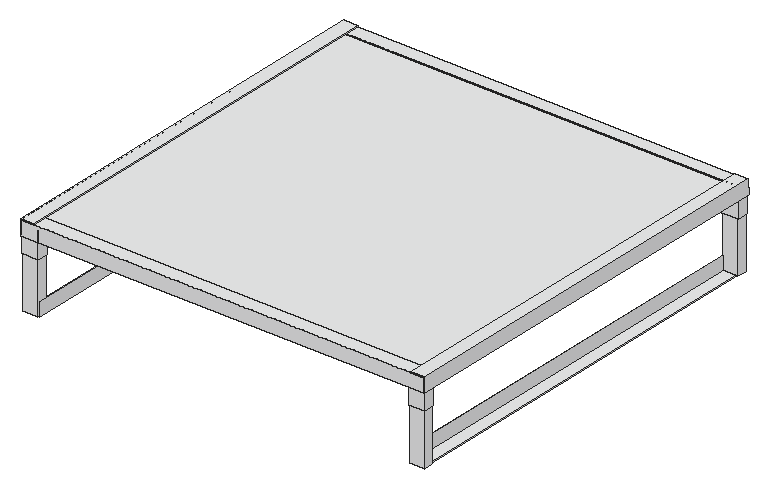
Revit family "FallProtection_Skylight_Kattsafe_Framed", category Specialty Equipment, Revit 2025
Family settings
  Round Connector Dimension = Use Diameter
  Part Type = Normal
  OmniClass Number = 23.27.71.21
  Work Plane-Based = Yes
  Enable Cutting in Views = No
  Always vertical = No
  Cut with Voids When Loaded = No
  Maintain Annotation Orientation = No
  Shared = No
  Room Calculation Point = No
Parameters (values of type "1450l x 1450w x 300h (SP396.1450)")
  Uniclass2015Version = "Products v1.23"
  Uniclass2015Title = "Shutters and grilles"
  Uniclass2015Code = "Pr_30_59_84"
  URL = "https://kattsafe.com.au/"
  Type IFC Predefined Type = "USERDEFINED"
  Type Comments = "Framed Skylight Protector - 1450(L) x 1450(W) x 300(H)"
  SafetyDisclaimer [instance] = "WARNING! The correct placement of access, fall protection and facade maintenance systems is critical to ensure it is fit-for-purpose and safe for the operator to use. Did you know Kattsafe® have a dedicated team of Height Safety System Design Specialists? Kattsafe® provide one-on-one consultation and system design assistance to ensure you are meeting the stringent requirements of height safety and to give you PEACE OF MIND with your project."  # constant formula
  ModifiedIssue = 20240430
  Model = "SP396.1450"
  Material = Aluminum_Kattsafe_Mesh_Protex
  ManufacturerURLProductSpecific = "https://kattsafe.com.au/products/skylight-protectors/Framed-skylight-protector-SP396"
  ManufacturerSpecCode = Model  # "SP396.1450"
  ManufacturerOverallWidth = 1450 mm
  ManufacturerOverallLength = 1450 mm
  ManufacturerOverallHeight = 300 mm
  ManufacturerHeightFromFFL [instance] = 0 mm
  Manufacturer = "Kattsafe®"  # constant formula
  IfcExportType = "USERDEFINED"
  IfcExportAs = "IfcBuildingElementProxy"
  FrameMaterial = Aluminum_Kattsafe_Satin
  Export Type to IFC As = "IfcBuildingElementProxy"
  ElementType = "Fall Protection"
  Description = "Skylight protectors provide fall hazard protection for brittle skylights and roof surfaces without compromising light penetration. Available in multiple configurations and sizes, Kattsafe skylight protectors work well with all types of roof lights, skylights and brittle roof structures."  # constant formula
  Default Elevation = 1219.2 mm
  CreatedByURL = "https://igsgroup.com.au"
  CreatedBy = "IGS BIM Solutions"  # constant formula
  Assembly Code = "E1090100"
Types (2, lengths in mm): name | Type Comments | Model | ManufacturerSpecCode | ManufacturerOverallWidth | ManufacturerOverallLength
  1650l x 1650w x 300h (SP396.1650) | "Framed Skylight Protector - 1650(L) x 1650(W) x 300(H)" | "SP396.1650" | "SP396.1650" | 1650 | 1650
  1450l x 1450w x 300h (SP396.1450) | "Framed Skylight Protector - 1450(L) x 1450(W) x 300(H)" | "SP396.1450" | "SP396.1450" | 1450 | 1450
Reference planes
  plane 1 "Center (Front/Back)": y = -815
  plane 2 "BottomReference": z = 0
  plane 3 "Center (Left/Right)": x = 0
  plane 4 "Left": x = -725
  plane 5 "Right": x = 725
  plane 6 "Back": y = -90
  plane 7 "Front": y = -1540
  plane 8 "Bottom": z = 0
  plane 9 "Center (Elevation)": z = 150
  plane 10 "Top": z = 300
  plane 11 "MeshTop": z = 294
  plane 12 "BaseBracketTop": z = 50
  plane 13 "BackInternal": y = -93
  plane 14 "FrontInternal": y = -1537
  plane 15 "TopBracketUnderside": z = 297
  plane 16 "MeshBottom": z = 288
  plane 17 "LeftAngleInternal": x = -721.971
  plane 18 "RightAngleInternal": x = 722
  plane 19 "UpstandBottom": z = 3
  plane 20 "BottomAngleBackInset": y = -102
  plane 21 "BottomAngleFrontInset": y = -1528
  plane 22 "UpstandJoin": z = 188
Forms (mm)
  Extrusion 1, solid, material "Aluminum_Kattsafe_Satin" <- "FrameMaterial"
    sketch origin (-900.971, -915, 0) x (-1, 0, 0) y (0, 0, 1)
      loop
        line (-187.971, 3) -> (-234.971, 3) -> (-234.971, 50) -> (-237.971, 50) -> (-237.971, 0) -> (-187.971, 0) -> (-187.971, 3)
      loop
        line (-1613.941, 3) -> (-1613.941, 0) -> (-1563.941, 0) -> (-1563.941, 50) -> (-1566.941, 50) -> (-1566.941, 3) -> (-1613.941, 3)
    from -613 to 813
  Extrusion 2, solid, material "Aluminum_Kattsafe_Mesh_Protex" <- "Material"
    sketch origin (0, 0, 0) x (1, 0, 0) y (0, 1, 0)
      loop
        line (-721.971, -93) -> (-721.971, -1537) -> (722, -1537) -> (722, -93) -> (-721.971, -93)
    from 288 to 294
  Extrusion 3, solid, material "Aluminum_Kattsafe_Satin" <- "FrameMaterial"
    sketch origin (0, -815, 0) x (1, 0, 0) y (0, 0, 1)
      loop
        line (-675, 297) -> (-675, 300) -> (-725, 300) -> (-725, 250) -> (-722, 250) -> (-722, 297) -> (-675, 297)
      loop
        line (675, 297) -> (722, 297) -> (722, 250) -> (725, 250) -> (725, 300) -> (675, 300) -> (675, 297)
    from -725 to 725
  Extrusion 4, solid, material "Aluminum_Kattsafe_Satin" <- "FrameMaterial"
    sketch origin (0, -715, 0) x (0, -1, 0) y (0, 0, 1)
      loop
        line (-575, 294) -> (-575, 297) -> (-625, 297) -> (-625, 247) -> (-622, 247) -> (-622, 294) -> (-575, 294)
      loop
        line (775, 294) -> (822, 294) -> (822, 247) -> (825, 247) -> (825, 297) -> (775, 297) -> (775, 294)
    from -722 to 721.971
  Extrusion 5, solid, material "Aluminum_Kattsafe_Satin" <- "FrameMaterial"
    sketch origin (0, 0, 0) x (1, 0, 0) y (0, 1, 0)
      loop
        line (-721.971, -93) -> (-721.971, -131) -> (-663.971, -131) -> (-663.971, -93) -> (-721.971, -93)
      loop
        line (721.971, -93) -> (663.971, -93) -> (663.971, -131) -> (721.971, -131) -> (721.971, -93)
      loop
        line (-721.971, -1537) -> (-663.971, -1537) -> (-663.971, -1499) -> (-721.971, -1499) -> (-721.971, -1537)
      loop
        line (721.971, -1537) -> (721.971, -1499) -> (663.971, -1499) -> (663.971, -1537) -> (721.971, -1537)
    from 188 to 288
  Extrusion 6, solid, material "Aluminum_Kattsafe_Satin" <- "FrameMaterial"
    sketch origin (0, 0, 0) x (1, 0, 0) y (0, 1, 0)
      loop
        line (-719.971, -95) -> (-719.971, -129) -> (-666, -129) -> (-666, -95) -> (-719.971, -95)
      loop
        line (665.971, -95) -> (665.971, -129) -> (720, -129) -> (720, -95) -> (665.971, -95)
      loop
        line (665.971, -1501) -> (665.971, -1535) -> (720, -1535) -> (720, -1501) -> (665.971, -1501)
      loop
        line (-719.971, -1501) -> (-719.971, -1535) -> (-666, -1535) -> (-666, -1501) -> (-719.971, -1501)
    from 3 to 188
Text (mm)
  text "Disclaimer:\nDue to ongoing product development and manufacturing \nevolution, product details are subject to change without \nnotice. Please refer to product technical data sheets on \nthe manufacturers website for the most current product \ninformation. Please allow a +/- 5mm manufacturing \ntolerance for dimensions and set-outs shown in product \nliterature." at (1592.109, -632.31, 0), in view "Ref. Level"
Dimensions and locks
  "ManufacturerOverallHeight": plane 10 "Top" to plane 8 "Bottom"
  equal spacing: plane 10 "Top", plane 9 "Center (Elevation)", plane 8 "Bottom"
  "ManufacturerHeightFromFFL": plane 8 "Bottom" to plane 2 "BottomReference"
  "ManufacturerOverallLength": plane 4 "Left" to plane 5 "Right"
  equal spacing: plane 4 "Left", plane 3 "Center (Left/Right)", plane 5 "Right"
  "ManufacturerOverallWidth": plane 7 "Front" to plane 6 "Back"
  equal spacing: plane 7 "Front", plane 1 "Center (Front/Back)", plane 6 "Back"
  locked: plane 12 "BaseBracketTop" to plane 8 "Bottom" at 50
  locked: Extrusion 1 sketch curve to plane 8 "Bottom" at 3  (x2)
  locked: plane 14 "FrontInternal" to plane 7 "Front" at 3
  locked: plane 6 "Back" to plane 13 "BackInternal" at 3
  locked: plane 10 "Top" to Extrusion 3 sketch curve at 50  (x2)
  locked: plane 10 "Top" to Extrusion 3 sketch curve at 3  (x2)
  plane 5 "Right" to Extrusion 3 sketch curve to Extrusion 3 sketch curve = 3 mm locked, 47 mm locked
  Extrusion 3 sketch curve to Extrusion 3 sketch curve to plane 4 "Left" = 47 mm locked, 3 mm locked
  plane 7 "Front" to Extrusion 4 sketch curve to Extrusion 4 sketch curve = 3 mm locked, 47 mm locked
  Extrusion 4 sketch curve to Extrusion 4 sketch curve to plane 6 "Back" = 47 mm locked, 3 mm locked
  plane 10 "Top" to plane 15 "TopBracketUnderside" to plane 11 "MeshTop" = 3 mm locked, 3 mm locked
  locked: plane 11 "MeshTop" to plane 16 "MeshBottom" at 6
  locked: plane 4 "Left" to plane 17 "LeftAngleInternal" at 3.029
  locked: plane 18 "RightAngleInternal" to plane 5 "Right" at 3
  locked: plane 21 "BottomAngleFrontInset" to plane 7 "Front" at 12
  locked: plane 20 "BottomAngleBackInset" to plane 6 "Back" at 12
  locked: plane 19 "UpstandBottom" to plane 8 "Bottom" at 3
  locked: plane 16 "MeshBottom" to plane 22 "UpstandJoin" at 100
  locked: plane 13 "BackInternal" to Extrusion 6 sketch curve at 2
  locked: plane 17 "LeftAngleInternal" to Extrusion 6 sketch curve at 2
  locked: plane 13 "BackInternal" to Extrusion 6 sketch curve at 36
  locked: plane 17 "LeftAngleInternal" to Extrusion 6 sketch curve at 55.971
  Extrusion 6 sketch curve to Extrusion 6 sketch curve to plane 18 "RightAngleInternal" = 54.029 mm locked, 2 mm locked
  Extrusion 6 sketch curve to Extrusion 6 sketch curve to plane 14 "FrontInternal" = 34 mm locked, 2 mm locked
  aligned and locked: Extrusion 1 sketch curve to plane 8 "Bottom"
  aligned and locked: plane 8 "Bottom" to Extrusion 1 sketch curve
  aligned and locked: plane 12 "BaseBracketTop" to Extrusion 1 sketch curve
  aligned and locked: Extrusion 1 sketch curve to plane 12 "BaseBracketTop"
  aligned and locked: Extrusion 2 sketch curve to plane 13 "BackInternal"
  aligned and locked: plane 14 "FrontInternal" to Extrusion 2 sketch curve
  aligned and locked: Extrusion 3 sketch curve to plane 10 "Top"
  aligned and locked: plane 4 "Left" to Extrusion 3 sketch curve
  aligned and locked: plane 10 "Top" to Extrusion 3 sketch curve
  aligned and locked: plane 5 "Right" to Extrusion 3 sketch curve
  aligned and locked: Extrusion 3 to plane 6 "Back"
  aligned and locked: Extrusion 3 to plane 7 "Front"
  aligned and locked: plane 15 "TopBracketUnderside" to Extrusion 4 sketch curve
  aligned and locked: Extrusion 4 sketch curve to plane 15 "TopBracketUnderside"
  aligned and locked: Extrusion 4 sketch curve to plane 11 "MeshTop"
  aligned and locked: plane 11 "MeshTop" to Extrusion 4 sketch curve
  aligned and locked: plane 11 "MeshTop" to Extrusion 2
  aligned and locked: Extrusion 2 to plane 16 "MeshBottom"
  aligned and locked: plane 18 "RightAngleInternal" to Extrusion 4
  aligned and locked: Extrusion 4 to plane 17 "LeftAngleInternal"
  aligned and locked: Extrusion 2 sketch curve to plane 17 "LeftAngleInternal"
  aligned and locked: Extrusion 2 sketch curve to plane 18 "RightAngleInternal"
  aligned and locked: plane 16 "MeshBottom" to Extrusion 5
  aligned and locked: plane 20 "BottomAngleBackInset" to Extrusion 1
  aligned and locked: Extrusion 1 to plane 21 "BottomAngleFrontInset"
  aligned and locked: Extrusion 5 to plane 22 "UpstandJoin"
  aligned and locked: Extrusion 6 to Extrusion 5
  aligned and locked: Extrusion 6 to plane 19 "UpstandBottom"
  aligned and locked: Extrusion 6 sketch curve to Extrusion 6 sketch curve  (x8)
Automatic sketch dimensions
  Extrusion 4 sketch curve to plane 6 "Back" = 0 mm
  Extrusion 4 sketch curve to plane 7 "Front" = 0 mm
  Extrusion 4 sketch curve to plane 11 "MeshTop" = 47 mm  (x2)
  Extrusion 5 sketch curve to plane 13 "BackInternal" = 0 mm  (x2)
  Extrusion 5 sketch curve to plane 17 "LeftAngleInternal" = 0 mm  (x2)
  Extrusion 5 sketch curve to plane 14 "FrontInternal" = 0 mm  (x2)
  plane 17 "LeftAngleInternal" to Extrusion 5 sketch curve = 58 mm  (x2)
  Extrusion 5 sketch curve to plane 18 "RightAngleInternal" = 58.029 mm  (x2)
  Extrusion 5 sketch curve to plane 18 "RightAngleInternal" = 0.029 mm  (x2)
  plane 14 "FrontInternal" to Extrusion 5 sketch curve = 38 mm  (x2)
  Extrusion 5 sketch curve to plane 13 "BackInternal" = 38 mm  (x2)
  Extrusion 1 sketch curve to plane 18 "RightAngleInternal" = 9.029 mm
  Extrusion 1 sketch curve to Extrusion 1 sketch curve = 47 mm
  Extrusion 1 sketch curve to Extrusion 1 sketch curve = 3 mm  (x2)
  plane 17 "LeftAngleInternal" to Extrusion 1 sketch curve = 58.971 mm
  plane 17 "LeftAngleInternal" to Extrusion 1 sketch curve = 8.971 mm
